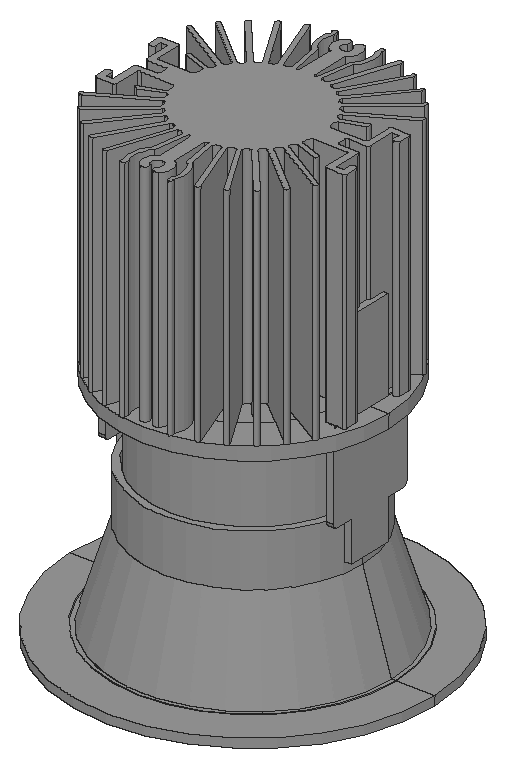
Revit family "Artemide_Everything_80", category Lighting Fixtures, Revit 2018 (continued)
Types (216, lengths in mm): name | V_TrimlessSquare | V_TrimlessRound | V_TrimSquare | V_TrimRound | V_Square | V_Round | Radius_RoundVoidReal | Photometric Web File | M_Trim | M_Louvre | M_HousingLed | built-in parameter 1150105 | Lumens | built-in parameter 1150107 | built-in parameter 1150106 | URL to O&M Manual | Trim Material | Trim Finish | Trim Colour  | Product Model Number | Product Literature | Overall Width | Overall Length | Output Lumens Direct light | Input Lumens Direct light | Initial Lumens | IES Files  | Housing Colour  | Face Shape | Efficiency | built-in parameter 1150104 | Distance_SquareVoidReal | Colour Temperature | Angle_LightReal | Angle_LightRange | Angle_Light | Adjustable
  Everything_80_Square_Trimless_28°_3000K_White_M254800 | yes | no | no | no | yes | no | 0.3 | "M254800.IES" | Artemide_Aluminum_White | Artemide_Aluminum_White | Artemide_Aluminum_White | 83.402 (stored number, unit not read) | 1048.06 lm | 3000 (stored number, unit not read) | 0.83402 (stored number, unit not read) | "https://www.artemide.com/contents/documenti/prodotto/everything_80_trimless_instructions4374821.pdf" | "-" | "-" | "-" | "M254800" | "https://www.artemide.com/it/subfamily/2398406/everything-80-trimless" | 60 | 60 | 1048 | 1390 | 1048 | "https://www.artemide.com/product/downloadFile/2412698/ieseu/4916941" | "White" | "Square" | 75 | 7.4898 (stored number, unit not read) | 63.2 | 3000 | 90.00° | 60.00° | 60.00° | no
  Everything_80_Square_Trimless_Adj_28°_3000K_White_M254805 | yes | no | no | no | yes | no | 0.3 | "M254805.IES" | Artemide_Aluminum_White | Artemide_Aluminum_White | Artemide_Aluminum_White | 83.402 (stored number, unit not read) | 1048.06 lm | 3000 (stored number, unit not read) | 0.83402 (stored number, unit not read) | "https://www.artemide.com/contents/documenti/prodotto/everything_80_trimless_instructions4374821.pdf" | "-" | "-" | "-" | "M254805" | "https://www.artemide.com/it/subfamily/2398406/everything-80-trimless" | 60 | 60 | 1048 | 1390 | 1048 | "https://www.artemide.com/product/downloadFile/2412832/ieseu/4917102" | "White" | "Square" | 75 | 7.4898 (stored number, unit not read) | 63.2 | 3000 | 60.00° | 60.00° | 60.00° | yes
  Everything_80_Square_Trimless_28°_3000K_Black_M255400 | yes | no | no | no | yes | no | 0.3 | "M255400.IES" | Artemide_Aluminum_White | Artemide_Aluminum_Black | Artemide_Aluminum_Black | 67.367 (stored number, unit not read) | 846.56 lm | 3000 (stored number, unit not read) | 0.67367 (stored number, unit not read) | "https://www.artemide.com/contents/documenti/prodotto/everything_80_trimless_instructions4374821.pdf" | "-" | "-" | "-" | "M255400" | "https://www.artemide.com/it/subfamily/2398406/everything-80-trimless" | 60 | 60 | 847 | 1390 | 847 | "https://www.artemide.com/product/downloadFile/2412974/ieseu/4917080" | "Black" | "Square" | 61 | 6.0498 (stored number, unit not read) | 63.2 | 3000 | 90.00° | 60.00° | 60.00° | no
  Everything_80_Square_Trimless_Adj_28°_3000K_Black_M255405 | yes | no | no | no | yes | no | 0.3 | "M255405.IES" | Artemide_Aluminum_White | Artemide_Aluminum_Black | Artemide_Aluminum_Black | 67.367 (stored number, unit not read) | 846.56 lm | 3000 (stored number, unit not read) | 0.67367 (stored number, unit not read) | "https://www.artemide.com/contents/documenti/prodotto/everything_80_trimless_instructions4374821.pdf" | "-" | "-" | "-" | "M255405" | "https://www.artemide.com/it/subfamily/2398406/everything-80-trimless" | 60 | 60 | 847 | 1390 | 847 | "https://www.artemide.com/product/downloadFile/2413116/ieseu/4916888" | "Black" | "Square" | 61 | 6.0498 (stored number, unit not read) | 63.2 | 3000 | 60.00° | 60.00° | 60.00° | yes
  Everything_80_Square_Trimless_28°_3000K_PolishedMetal_M274400 | yes | no | no | no | yes | no | 0.3 | "M274400.IES" | Artemide_Aluminum_White | Artemide_Aluminum_PolishedMetal | Artemide_Aluminum_PolishedMetal | 81.074 (stored number, unit not read) | 1018.81 lm | 3000 (stored number, unit not read) | 0.81074 (stored number, unit not read) | "https://www.artemide.com/contents/documenti/prodotto/everything_80_trimless_instructions4374821.pdf" | "-" | "-" | "-" | "M274400" | "https://www.artemide.com/it/subfamily/2398406/everything-80-trimless" | 60 | 60 | 1019 | 1390 | 1019 | "https://www.artemide.com/product/downloadFile/2413258/ieseu/4916474" | "Polished Metal" | "Square" | 73 | 7.2808 (stored number, unit not read) | 63.2 | 3000 | 90.00° | 60.00° | 60.00° | no
  Everything_80_Square_Trimless_Adj_28°_3000K_PolishedMetal_M274405 | yes | no | no | no | yes | no | 0.3 | "M274405.IES" | Artemide_Aluminum_White | Artemide_Aluminum_PolishedMetal | Artemide_Aluminum_PolishedMetal | 81.074 (stored number, unit not read) | 1018.81 lm | 3000 (stored number, unit not read) | 0.81074 (stored number, unit not read) | "https://www.artemide.com/contents/documenti/prodotto/everything_80_trimless_instructions4374821.pdf" | "-" | "-" | "-" | "M274405" | "https://www.artemide.com/it/subfamily/2398406/everything-80-trimless" | 60 | 60 | 1019 | 1390 | 1019 | "https://www.artemide.com/product/downloadFile/2413400/ieseu/4916975" | "Polished Metal" | "Square" | 73 | 7.2808 (stored number, unit not read) | 63.2 | 3000 | 60.00° | 60.00° | 60.00° | yes
  Everything_80_Square_Trimless_46°_3000K_White_M255000 | yes | no | no | no | yes | no | 0.3 | "M255000.IES" | Artemide_Aluminum_White | Artemide_Aluminum_White | Artemide_Aluminum_White | 81.964 (stored number, unit not read) | 1029.99 lm | 3000 (stored number, unit not read) | 0.81964 (stored number, unit not read) | "https://www.artemide.com/contents/documenti/prodotto/everything_80_trimless_instructions4374821.pdf" | "-" | "-" | "-" | "M255000" | "https://www.artemide.com/it/subfamily/2398406/everything-80-trimless" | 60 | 60 | 1030 | 1390 | 1030 | "https://www.artemide.com/product/downloadFile/2414386/ieseu/4916880" | "White" | "Square" | 74 | 7.3607 (stored number, unit not read) | 63.2 | 3000 | 90.00° | 60.00° | 60.00° | no
  Everything_80_Square_Trimless_Adj_46°_3000K_White_M255005 | yes | no | no | no | yes | no | 0.3 | "M255005.IES" | Artemide_Aluminum_White | Artemide_Aluminum_White | Artemide_Aluminum_White | 81.964 (stored number, unit not read) | 1029.99 lm | 3000 (stored number, unit not read) | 0.81964 (stored number, unit not read) | "https://www.artemide.com/contents/documenti/prodotto/everything_80_trimless_instructions4374821.pdf" | "-" | "-" | "-" | "M255005" | "https://www.artemide.com/it/subfamily/2398406/everything-80-trimless" | 60 | 60 | 1030 | 1390 | 1030 | "https://www.artemide.com/product/downloadFile/2414520/ieseu/4916476" | "White" | "Square" | 74 | 7.3607 (stored number, unit not read) | 63.2 | 3000 | 60.00° | 60.00° | 60.00° | yes
  Everything_80_Square_Trimless_46°_3000K_Black_M255600 | yes | no | no | no | yes | no | 0.3 | "M255600.IES" | Artemide_Aluminum_White | Artemide_Aluminum_Black | Artemide_Aluminum_Black | 54.643 (stored number, unit not read) | 686.66 lm | 3000 (stored number, unit not read) | 0.54643 (stored number, unit not read) | "https://www.artemide.com/contents/documenti/prodotto/everything_80_trimless_instructions4374821.pdf" | "-" | "-" | "-" | "M255600" | "https://www.artemide.com/it/subfamily/2398406/everything-80-trimless" | 60 | 60 | 687 | 1390 | 687 | "https://www.artemide.com/product/downloadFile/2414662/ieseu/4917062" | "Black" | "Square" | 49 | 4.9071 (stored number, unit not read) | 63.2 | 3000 | 90.00° | 60.00° | 60.00° | no
  Everything_80_Square_Trimless_Adj_46°_3000K_Black_M255605 | yes | no | no | no | yes | no | 0.3 | "M255605.IES" | Artemide_Aluminum_White | Artemide_Aluminum_Black | Artemide_Aluminum_Black | 54.643 (stored number, unit not read) | 686.66 lm | 3000 (stored number, unit not read) | 0.54643 (stored number, unit not read) | "https://www.artemide.com/contents/documenti/prodotto/everything_80_trimless_instructions4374821.pdf" | "-" | "-" | "-" | "M255605" | "https://www.artemide.com/it/subfamily/2398406/everything-80-trimless" | 60 | 60 | 687 | 1390 | 687 | "https://www.artemide.com/product/downloadFile/2414804/ieseu/4917169" | "Black" | "Square" | 49 | 4.9071 (stored number, unit not read) | 63.2 | 3000 | 60.00° | 60.00° | 60.00° | yes
  Everything_80_Square_Trimless_46°_3000K_PolishedMetal_M274600 | yes | no | no | no | yes | no | 0.3 | "M274600.IES" | Artemide_Aluminum_White | Artemide_Aluminum_PolishedMetal | Artemide_Aluminum_PolishedMetal | 73.222 (stored number, unit not read) | 920.14 lm | 3000 (stored number, unit not read) | 0.73222 (stored number, unit not read) | "https://www.artemide.com/contents/documenti/prodotto/everything_80_trimless_instructions4374821.pdf" | "-" | "-" | "-" | "M274600" | "https://www.artemide.com/it/subfamily/2398406/everything-80-trimless" | 60 | 60 | 920 | 1390 | 920 | "https://www.artemide.com/product/downloadFile/2414946/ieseu/4917092" | "Polished Metal" | "Square" | 66 | 6.5757 (stored number, unit not read) | 63.2 | 3000 | 90.00° | 60.00° | 60.00° | no
  Everything_80_Square_Trimless_Adj_46°_3000K_PolishedMetal_M274605 | yes | no | no | no | yes | no | 0.3 | "M274605.IES" | Artemide_Aluminum_White | Artemide_Aluminum_PolishedMetal | Artemide_Aluminum_PolishedMetal | 73.222 (stored number, unit not read) | 920.14 lm | 3000 (stored number, unit not read) | 0.73222 (stored number, unit not read) | "https://www.artemide.com/contents/documenti/prodotto/everything_80_trimless_instructions4374821.pdf" | "-" | "-" | "-" | "M274605" | "https://www.artemide.com/it/subfamily/2398406/everything-80-trimless" | 60 | 60 | 920 | 1390 | 920 | "https://www.artemide.com/product/downloadFile/2415088/ieseu/4916482" | "Polished Metal" | "Square" | 66 | 6.5757 (stored number, unit not read) | 63.2 | 3000 | 60.00° | 60.00° | 60.00° | yes
  Everything_80_Round_Trimless_23°_2700K_White_M326300 | no | yes | no | no | no | yes | 31.6 | "M326300.IES" | Artemide_Aluminum_White | Artemide_Aluminum_White | Artemide_Aluminum_White | 79.057 (stored number, unit not read) | 993.46 lm | 2700 (stored number, unit not read) | 0.79057 (stored number, unit not read) | "https://www.artemide.com/contents/documenti/prodotto/everything_80_trimless_instructions4374821.pdf" | "-" | "-" | "-" | "M326300" | "https://www.artemide.com/it/subfamily/2398406/everything-80-trimless" | 0 | 60 | 994 | 1330 | 994 | "https://www.artemide.com/product/downloadFile/4372427/ieseu/4917003" | "White" | "Round" | 75 | 7.0997 (stored number, unit not read) | 0.8 | 2700 | 90.00° | 60.00° | 60.00° | no
  Everything_80_Round_Trimless_23°_2700K_Black_M326600 | no | yes | no | no | no | yes | 31.6 | "M326600.IES" | Artemide_Aluminum_White | Artemide_Aluminum_Black | Artemide_Aluminum_Black | 66.364 (stored number, unit not read) | 833.95 lm | 2700 (stored number, unit not read) | 0.66364 (stored number, unit not read) | "https://www.artemide.com/contents/documenti/prodotto/everything_80_trimless_instructions4374821.pdf" | "-" | "-" | "-" | "M326600" | "https://www.artemide.com/it/subfamily/2398406/everything-80-trimless" | 0 | 60 | 834 | 1330 | 834 | "https://www.artemide.com/product/downloadFile/4372680/ieseu/4916727" | "Black" | "Round" | 63 | 5.9597 (stored number, unit not read) | 0.8 | 2700 | 90.00° | 60.00° | 60.00° | no
  Everything_80_Round_Trimless_23°_2700K_PolishedMetal_M331400 | no | yes | no | no | no | yes | 31.6 | "M331400.IES" | Artemide_Aluminum_White | Artemide_Aluminum_PolishedMetal | Artemide_Aluminum_PolishedMetal | 80.857 (stored number, unit not read) | 1016.08 lm | 2700 (stored number, unit not read) | 0.80857 (stored number, unit not read) | "https://www.artemide.com/contents/documenti/prodotto/everything_80_trimless_instructions4374821.pdf" | "-" | "-" | "-" | "M331400" | "https://www.artemide.com/it/subfamily/2398406/everything-80-trimless" | 0 | 60 | 1016 | 1330 | 1016 | "https://www.artemide.com/product/downloadFile/4372903/ieseu/4916771" | "Polished Metal" | "Round" | 76 | 7.2613 (stored number, unit not read) | 0.8 | 2700 | 90.00° | 60.00° | 60.00° | no
  Everything_80_Round_Trimless_28°_2700K_White_M326400 | no | yes | no | no | no | yes | 31.6 | "M326400.IES" | Artemide_Aluminum_White | Artemide_Aluminum_White | Artemide_Aluminum_White | 80.123 (stored number, unit not read) | 1006.85 lm | 2700 (stored number, unit not read) | 0.80123 (stored number, unit not read) | "https://www.artemide.com/contents/documenti/prodotto/everything_80_trimless_instructions4374821.pdf" | "-" | "-" | "-" | "M326400" | "https://www.artemide.com/it/subfamily/2398406/everything-80-trimless" | 0 | 60 | 1007 | 1330 | 1007 | "https://www.artemide.com/product/downloadFile/4373126/ieseu/4917063" | "White" | "Round" | 76 | 7.1953 (stored number, unit not read) | 0.8 | 2700 | 90.00° | 60.00° | 60.00° | no
  Everything_80_Round_Trimless_28°_2700K_Black_M326700 | no | yes | no | no | no | yes | 31.6 | "M326700.IES" | Artemide_Aluminum_White | Artemide_Aluminum_Black | Artemide_Aluminum_Black | 67.74 (stored number, unit not read) | 851.24 lm | 2700 (stored number, unit not read) | 0.6774 (stored number, unit not read) | "https://www.artemide.com/contents/documenti/prodotto/everything_80_trimless_instructions4374821.pdf" | "-" | "-" | "-" | "M326700" | "https://www.artemide.com/it/subfamily/2398406/everything-80-trimless" | 0 | 60 | 851 | 1330 | 851 | "https://www.artemide.com/product/downloadFile/4373341/ieseu/4916776" | "Black" | "Round" | 64 | 6.0833 (stored number, unit not read) | 0.8 | 2700 | 90.00° | 60.00° | 60.00° | no
  Everything_80_Round_Trimless_28°_2700K_PolishedMetal_M331500 | no | yes | no | no | no | yes | 31.6 | "M331500.IES" | Artemide_Aluminum_White | Artemide_Aluminum_PolishedMetal | Artemide_Aluminum_PolishedMetal | 74.826 (stored number, unit not read) | 940.29 lm | 2700 (stored number, unit not read) | 0.74826 (stored number, unit not read) | "https://www.artemide.com/contents/documenti/prodotto/everything_80_trimless_instructions4374821.pdf" | "-" | "-" | "-" | "M331500" | "https://www.artemide.com/it/subfamily/2398406/everything-80-trimless" | 0 | 60 | 940 | 1330 | 940 | "https://www.artemide.com/product/downloadFile/4373660/ieseu/4916554" | "Polished Metal" | "Round" | 71 | 6.7197 (stored number, unit not read) | 0.8 | 2700 | 90.00° | 60.00° | 60.00° | no
  Everything_80_Round_Trimless_46°_2700K_White_M326500 | no | yes | no | no | no | yes | 31.6 | "M326500.IES" | Artemide_Aluminum_White | Artemide_Aluminum_White | Artemide_Aluminum_White | 78.426 (stored number, unit not read) | 985.53 lm | 2700 (stored number, unit not read) | 0.78426 (stored number, unit not read) | "https://www.artemide.com/contents/documenti/prodotto/everything_80_trimless_instructions4374821.pdf" | "-" | "-" | "-" | "M326500" | "https://www.artemide.com/it/subfamily/2398406/everything-80-trimless" | 0 | 60 | 986 | 1330 | 986 | "https://www.artemide.com/product/downloadFile/4373893/ieseu/4916717" | "White" | "Round" | 74 | 7.043 (stored number, unit not read) | 0.8 | 2700 | 90.00° | 60.00° | 60.00° | no
  Everything_80_Round_Trimless_46°_2700K_Black_M326800 | no | yes | no | no | no | yes | 31.6 | "M326800.IES" | Artemide_Aluminum_White | Artemide_Aluminum_Black | Artemide_Aluminum_Black | 50.163 (stored number, unit not read) | 630.37 lm | 2700 (stored number, unit not read) | 0.50163 (stored number, unit not read) | "https://www.artemide.com/contents/documenti/prodotto/everything_80_trimless_instructions4374821.pdf" | "-" | "-" | "-" | "M326800" | "https://www.artemide.com/it/subfamily/2398406/everything-80-trimless" | 0 | 60 | 630 | 1330 | 630 | "https://www.artemide.com/product/downloadFile/4374118/ieseu/4917016" | "Black" | "Round" | 47 | 4.5049 (stored number, unit not read) | 0.8 | 2700 | 90.00° | 60.00° | 60.00° | no
  Everything_80_Round_Trimless_46°_2700K_PolishedMetal_M331600 | no | yes | no | no | no | yes | 31.6 | "M331600.IES" | Artemide_Aluminum_White | Artemide_Aluminum_PolishedMetal | Artemide_Aluminum_PolishedMetal | 67.946 (stored number, unit not read) | 853.84 lm | 2700 (stored number, unit not read) | 0.67946 (stored number, unit not read) | "https://www.artemide.com/contents/documenti/prodotto/everything_80_trimless_instructions4374821.pdf" | "-" | "-" | "-" | "M331600" | "https://www.artemide.com/it/subfamily/2398406/everything-80-trimless" | 0 | 60 | 854 | 1330 | 854 | "https://www.artemide.com/product/downloadFile/4374341/ieseu/4916477" | "Polished Metal" | "Round" | 64 | 6.1019 (stored number, unit not read) | 0.8 | 2700 | 90.00° | 60.00° | 60.00° | no
  Everything_80_Round_Trimless_Adj_23°_2700K_White_M326305 | no | yes | no | no | no | yes | 31.6 | "M326305.IES" | Artemide_Aluminum_White | Artemide_Aluminum_White | Artemide_Aluminum_White | 79.057 (stored number, unit not read) | 993.46 lm | 2700 (stored number, unit not read) | 0.79057 (stored number, unit not read) | "https://www.artemide.com/contents/documenti/prodotto/everything_80_trimless_instructions4374821.pdf" | "-" | "-" | "-" | "M326305" | "https://www.artemide.com/it/subfamily/2398406/everything-80-trimless" | 0 | 60 | 994 | 1330 | 994 | "https://www.artemide.com/product/downloadFile/4374660/ieseu/4916663" | "White" | "Round" | 75 | 7.0997 (stored number, unit not read) | 0.8 | 2700 | 60.00° | 60.00° | 60.00° | yes
  Everything_80_Round_Trimless_Adj_23°_2700K_Black_M326605 | no | yes | no | no | no | yes | 31.6 | "M326605.IES" | Artemide_Aluminum_White | Artemide_Aluminum_Black | Artemide_Aluminum_Black | 66.364 (stored number, unit not read) | 833.95 lm | 2700 (stored number, unit not read) | 0.66364 (stored number, unit not read) | "https://www.artemide.com/contents/documenti/prodotto/everything_80_trimless_instructions4374821.pdf" | "-" | "-" | "-" | "M326605" | "https://www.artemide.com/it/subfamily/2398406/everything-80-trimless" | 0 | 60 | 834 | 1330 | 834 | "https://www.artemide.com/product/downloadFile/4374931/ieseu/4916616" | "Black" | "Round" | 63 | 5.9597 (stored number, unit not read) | 0.8 | 2700 | 60.00° | 60.00° | 60.00° | yes
  Everything_80_Round_Trimless_Adj_23°_2700K_PolishedMetal_M331405 | no | yes | no | no | no | yes | 31.6 | "M331405.IES" | Artemide_Aluminum_White | Artemide_Aluminum_PolishedMetal | Artemide_Aluminum_PolishedMetal | 80.857 (stored number, unit not read) | 1016.08 lm | 2700 (stored number, unit not read) | 0.80857 (stored number, unit not read) | "https://www.artemide.com/contents/documenti/prodotto/everything_80_trimless_instructions4374821.pdf" | "-" | "-" | "-" | "M331405" | "https://www.artemide.com/it/subfamily/2398406/everything-80-trimless" | 0 | 60 | 1016 | 1330 | 1016 | "https://www.artemide.com/product/downloadFile/4375154/ieseu/4916900" | "Polished Metal" | "Round" | 76 | 7.2613 (stored number, unit not read) | 0.8 | 2700 | 60.00° | 60.00° | 60.00° | yes
  Everything_80_Round_Trimless_Adj_28°_2700K_White_M326405 | no | yes | no | no | no | yes | 31.6 | "M326405.IES" | Artemide_Aluminum_White | Artemide_Aluminum_White | Artemide_Aluminum_White | 80.123 (stored number, unit not read) | 1006.85 lm | 2700 (stored number, unit not read) | 0.80123 (stored number, unit not read) | "https://www.artemide.com/contents/documenti/prodotto/everything_80_trimless_instructions4374821.pdf" | "-" | "-" | "-" | "M326405" | "https://www.artemide.com/it/subfamily/2398406/everything-80-trimless" | 0 | 60 | 1007 | 1330 | 1007 | "https://www.artemide.com/product/downloadFile/4375395/ieseu/4916450" | "White" | "Round" | 76 | 7.1953 (stored number, unit not read) | 0.8 | 2700 | 60.00° | 60.00° | 60.00° | yes
  Everything_80_Round_Trimless_Adj_23°_2700K_Black_M326705 | no | yes | no | no | no | yes | 31.6 | "M326705.IES" | Artemide_Aluminum_White | Artemide_Aluminum_Black | Artemide_Aluminum_Black | 67.74 (stored number, unit not read) | 851.24 lm | 2700 (stored number, unit not read) | 0.6774 (stored number, unit not read) | "https://www.artemide.com/contents/documenti/prodotto/everything_80_trimless_instructions4374821.pdf" | "-" | "-" | "-" | "M326705" | "https://www.artemide.com/it/subfamily/2398406/everything-80-trimless" | 0 | 60 | 851 | 1330 | 851 | "https://www.artemide.com/product/downloadFile/4375610/ieseu/4916517" | "Black" | "Round" | 64 | 6.0833 (stored number, unit not read) | 0.8 | 2700 | 60.00° | 60.00° | 60.00° | yes
  Everything_80_Round_Trimless_Adj_28°_2700K_PolishedMetal_M331505 | no | yes | no | no | no | yes | 31.6 | "M331505.IES" | Artemide_Aluminum_White | Artemide_Aluminum_PolishedMetal | Artemide_Aluminum_PolishedMetal | 74.826 (stored number, unit not read) | 940.29 lm | 2700 (stored number, unit not read) | 0.74826 (stored number, unit not read) | "https://www.artemide.com/contents/documenti/prodotto/everything_80_trimless_instructions4374821.pdf" | "-" | "-" | "-" | "M331505" | "https://www.artemide.com/it/subfamily/2398406/everything-80-trimless" | 0 | 60 | 940 | 1330 | 940 | "https://www.artemide.com/product/downloadFile/4375833/ieseu/4916667" | "Polished Metal" | "Round" | 71 | 6.7197 (stored number, unit not read) | 0.8 | 2700 | 60.00° | 60.00° | 60.00° | yes
  Everything_80_Round_Trimless_Adj_46°_2700K_White_M326505 | no | yes | no | no | no | yes | 31.6 | "M326505.IES" | Artemide_Aluminum_White | Artemide_Aluminum_White | Artemide_Aluminum_White | 78.426 (stored number, unit not read) | 985.53 lm | 2700 (stored number, unit not read) | 0.78426 (stored number, unit not read) | "https://www.artemide.com/contents/documenti/prodotto/everything_80_trimless_instructions4374821.pdf" | "-" | "-" | "-" | "M326505" | "https://www.artemide.com/it/subfamily/2398406/everything-80-trimless" | 0 | 60 | 986 | 1330 | 986 | "https://www.artemide.com/product/downloadFile/4376152/ieseu/4916684" | "White" | "Round" | 74 | 7.043 (stored number, unit not read) | 0.8 | 2700 | 60.00° | 60.00° | 60.00° | yes
  Everything_80_Round_Trimless_Adj_46°_2700K_Black_M326805 | no | yes | no | no | no | yes | 31.6 | "M326805.IES" | Artemide_Aluminum_White | Artemide_Aluminum_Black | Artemide_Aluminum_Black | 50.163 (stored number, unit not read) | 630.37 lm | 2700 (stored number, unit not read) | 0.50163 (stored number, unit not read) | "https://www.artemide.com/contents/documenti/prodotto/everything_80_trimless_instructions4374821.pdf" | "-" | "-" | "-" | "M326805" | "https://www.artemide.com/it/subfamily/2398406/everything-80-trimless" | 0 | 60 | 630 | 1330 | 630 | "https://www.artemide.com/product/downloadFile/4376367/ieseu/4917022" | "Black" | "Round" | 47 | 4.5049 (stored number, unit not read) | 0.8 | 2700 | 60.00° | 60.00° | 60.00° | yes
  Everything_80_Round_Trimless_Adj_46°_2700K_PolishedMetal_M331605 | no | yes | no | no | no | yes | 31.6 | "M331605.IES" | Artemide_Aluminum_White | Artemide_Aluminum_PolishedMetal | Artemide_Aluminum_PolishedMetal | 67.946 (stored number, unit not read) | 853.84 lm | 2700 (stored number, unit not read) | 0.67946 (stored number, unit not read) | "https://www.artemide.com/contents/documenti/prodotto/everything_80_trimless_instructions4374821.pdf" | "-" | "-" | "-" | "M331605" | "https://www.artemide.com/it/subfamily/2398406/everything-80-trimless" | 0 | 60 | 854 | 1330 | 854 | "https://www.artemide.com/product/downloadFile/4376638/ieseu/4916994" | "Polished Metal" | "Round" | 64 | 6.1019 (stored number, unit not read) | 0.8 | 2700 | 60.00° | 60.00° | 60.00° | yes
  Everything_80_Square_Trimless_23°_2700K_White_M327500 | yes | no | no | no | yes | no | 0.3 | "M327500.IES" | Artemide_Aluminum_White | Artemide_Aluminum_White | Artemide_Aluminum_White | 75.85 (stored number, unit not read) | 953.16 lm | 2700 (stored number, unit not read) | 0.7585 (stored number, unit not read) | "https://www.artemide.com/contents/documenti/prodotto/everything_80_trimless_instructions4374821.pdf" | "-" | "-" | "-" | "M327500" | "https://www.artemide.com/it/subfamily/2398406/everything-80-trimless" | 60 | 60 | 992 | 1330 | 992 | "https://www.artemide.com/product/downloadFile/4408370/ieseu/4917162" | "White" | "Square" | 75 | 6.8117 (stored number, unit not read) | 63.2 | 2700 | 90.00° | 60.00° | 60.00° | no
  Everything_80_Square_Trimless_23°_2700K_Black_M327800 | yes | no | no | no | yes | no | 0.3 | "M327800.IES" | Artemide_Aluminum_White | Artemide_Aluminum_Black | Artemide_Aluminum_Black | 64.77 (stored number, unit not read) | 813.93 lm | 2700 (stored number, unit not read) | 0.6477 (stored number, unit not read) | "https://www.artemide.com/contents/documenti/prodotto/everything_80_trimless_instructions4374821.pdf" | "-" | "-" | "-" | "M327800" | "https://www.artemide.com/it/subfamily/2398406/everything-80-trimless" | 60 | 60 | 814 | 1330 | 814 | "https://www.artemide.com/product/downloadFile/4408601/ieseu/4916577" | "Black" | "Square" | 61 | 5.8167 (stored number, unit not read) | 63.2 | 2700 | 90.00° | 60.00° | 60.00° | no
  Everything_80_Square_Trimless_23°_2700K_PolishedMetal_M330800 | yes | no | no | no | yes | no | 0.3 | "M330800.IES" | Artemide_Aluminum_White | Artemide_Aluminum_PolishedMetal | Artemide_Aluminum_PolishedMetal | 82.554 (stored number, unit not read) | 1037.4 lm | 2700 (stored number, unit not read) | 0.82554 (stored number, unit not read) | "https://www.artemide.com/contents/documenti/prodotto/everything_80_trimless_instructions4374821.pdf" | "-" | "-" | "-" | "M330800" | "https://www.artemide.com/it/subfamily/2398406/everything-80-trimless" | 60 | 60 | 1037 | 1330 | 1037 | "https://www.artemide.com/product/downloadFile/4408743/ieseu/4917197" | "Polished Metal" | "Square" | 78 | 7.4137 (stored number, unit not read) | 63.2 | 2700 | 90.00° | 60.00° | 60.00° | no
  Everything_80_Square_Trimless_28°_2700K_White_M327600 | yes | no | no | no | yes | no | 0.3 | "M327600.IES" | Artemide_Aluminum_White | Artemide_Aluminum_White | Artemide_Aluminum_White | 79.802 (stored number, unit not read) | 1002.82 lm | 2700 (stored number, unit not read) | 0.79802 (stored number, unit not read) | "https://www.artemide.com/contents/documenti/prodotto/everything_80_trimless_instructions4374821.pdf" | "-" | "-" | "-" | "M327600" | "https://www.artemide.com/it/subfamily/2398406/everything-80-trimless" | 60 | 60 | 1003 | 1330 | 1003 | "https://www.artemide.com/product/downloadFile/4408893/ieseu/4916873" | "White" | "Square" | 75 | 7.1665 (stored number, unit not read) | 63.2 | 2700 | 90.00° | 60.00° | 60.00° | no
  Everything_80_Square_Trimless_28°_2700K_Black_M327900 | yes | no | no | no | yes | no | 0.3 | "M327900.IES" | Artemide_Aluminum_White | Artemide_Aluminum_Black | Artemide_Aluminum_Black | 64.46 (stored number, unit not read) | 810.03 lm | 2700 (stored number, unit not read) | 0.6446 (stored number, unit not read) | "https://www.artemide.com/contents/documenti/prodotto/everything_80_trimless_instructions4374821.pdf" | "-" | "-" | "-" | "M327900" | "https://www.artemide.com/it/subfamily/2398406/everything-80-trimless" | 60 | 60 | 810 | 1330 | 810 | "https://www.artemide.com/product/downloadFile/4409025/ieseu/4916997" | "Black" | "Square" | 61 | 5.7888 (stored number, unit not read) | 63.2 | 2700 | 90.00° | 60.00° | 60.00° | no
  Everything_80_Square_Trimless_28°_2700K_PolishedMetal_M330900 | yes | no | no | no | yes | no | 0.3 | "M330900.IES" | Artemide_Aluminum_White | Artemide_Aluminum_PolishedMetal | Artemide_Aluminum_PolishedMetal | 77.578 (stored number, unit not read) | 974.87 lm | 2700 (stored number, unit not read) | 0.77578 (stored number, unit not read) | "https://www.artemide.com/contents/documenti/prodotto/everything_80_trimless_instructions4374821.pdf" | "-" | "-" | "-" | "M330900" | "https://www.artemide.com/it/subfamily/2398406/everything-80-trimless" | 60 | 60 | 975 | 1330 | 975 | "https://www.artemide.com/product/downloadFile/4409165/ieseu/4916641" | "Polished Metal" | "Square" | 73 | 6.9668 (stored number, unit not read) | 63.2 | 2700 | 90.00° | 60.00° | 60.00° | no
  Everything_80_Square_Trimless_46°_2700K_White_M327700 | yes | no | no | no | yes | no | 0.3 | "M327700.IES" | Artemide_Aluminum_White | Artemide_Aluminum_White | Artemide_Aluminum_White | 78.426 (stored number, unit not read) | 985.53 lm | 2700 (stored number, unit not read) | 0.78426 (stored number, unit not read) | "https://www.artemide.com/contents/documenti/prodotto/everything_80_trimless_instructions4374821.pdf" | "-" | "-" | "-" | "M327700" | "https://www.artemide.com/it/subfamily/2398406/everything-80-trimless" | 60 | 60 | 986 | 1330 | 986 | "https://www.artemide.com/product/downloadFile/4409305/ieseu/4917179" | "White" | "Square" | 74 | 7.043 (stored number, unit not read) | 63.2 | 2700 | 90.00° | 60.00° | 60.00° | no
  Everything_80_Square_Trimless_46°_2700K_Black_M328000 | yes | no | no | no | yes | no | 0.3 | "M328000.IES" | Artemide_Aluminum_White | Artemide_Aluminum_Black | Artemide_Aluminum_Black | 52.284 (stored number, unit not read) | 657.02 lm | 2700 (stored number, unit not read) | 0.52284 (stored number, unit not read) | "https://www.artemide.com/contents/documenti/prodotto/everything_80_trimless_instructions4374821.pdf" | "-" | "-" | "-" | "M328000" | "https://www.artemide.com/it/subfamily/2398406/everything-80-trimless" | 60 | 60 | 657 | 1330 | 657 | "https://www.artemide.com/product/downloadFile/4409437/ieseu/4917146" | "Black" | "Square" | 49 | 4.6953 (stored number, unit not read) | 63.2 | 2700 | 90.00° | 60.00° | 60.00° | no
  Everything_80_Square_Trimless_46°_2700K_PolishedMetal_M331000 | yes | no | no | no | yes | no | 0.3 | "M331000.IES" | Artemide_Aluminum_White | Artemide_Aluminum_PolishedMetal | Artemide_Aluminum_PolishedMetal | 70.067 (stored number, unit not read) | 880.49 lm | 2700 (stored number, unit not read) | 0.70067 (stored number, unit not read) | "https://www.artemide.com/contents/documenti/prodotto/everything_80_trimless_instructions4374821.pdf" | "-" | "-" | "-" | "M331000" | "https://www.artemide.com/it/subfamily/2398406/everything-80-trimless" | 60 | 60 | 880 | 1330 | 880 | "https://www.artemide.com/product/downloadFile/4409577/ieseu/4916932" | "Polished Metal" | "Square" | 66 | 6.2923 (stored number, unit not read) | 63.2 | 2700 | 90.00° | 60.00° | 60.00° | no
  Everything_80_Square_Trimless_Adj_23°_2700K_White_M327505 | yes | no | no | no | yes | no | 0.3 | "M327505.IES" | Artemide_Aluminum_White | Artemide_Aluminum_White | Artemide_Aluminum_White | 75.85 (stored number, unit not read) | 953.16 lm | 2700 (stored number, unit not read) | 0.7585 (stored number, unit not read) | "https://www.artemide.com/contents/documenti/prodotto/everything_80_trimless_instructions4374821.pdf" | "-" | "-" | "-" | "M327505" | "https://www.artemide.com/it/subfamily/2398406/everything-80-trimless" | 60 | 60 | 992 | 1330 | 992 | "https://www.artemide.com/product/downloadFile/4409717/ieseu/4916790" | "White" | "Square" | 75 | 6.8117 (stored number, unit not read) | 63.2 | 2700 | 60.00° | 60.00° | 60.00° | yes
  Everything_80_Square_Trimless_Adj_23°_2700K_Black_M327805 | yes | no | no | no | yes | no | 0.3 | "M327805.IES" | Artemide_Aluminum_White | Artemide_Aluminum_Black | Artemide_Aluminum_Black | 64.77 (stored number, unit not read) | 813.93 lm | 2700 (stored number, unit not read) | 0.6477 (stored number, unit not read) | "https://www.artemide.com/contents/documenti/prodotto/everything_80_trimless_instructions4374821.pdf" | "-" | "-" | "-" | "M327805" | "https://www.artemide.com/it/subfamily/2398406/everything-80-trimless" | 60 | 60 | 814 | 1330 | 814 | "https://www.artemide.com/product/downloadFile/4409948/ieseu/4916437" | "Black" | "Square" | 61 | 5.8167 (stored number, unit not read) | 63.2 | 2700 | 60.00° | 60.00° | 60.00° | yes
  Everything_80_Square_Trimless_Adj_23°_2700K_PolishedMetal_M330805 | yes | no | no | no | yes | no | 0.3 | "M330805.IES" | Artemide_Aluminum_White | Artemide_Aluminum_PolishedMetal | Artemide_Aluminum_PolishedMetal | 82.554 (stored number, unit not read) | 1037.4 lm | 2700 (stored number, unit not read) | 0.82554 (stored number, unit not read) | "https://www.artemide.com/contents/documenti/prodotto/everything_80_trimless_instructions4374821.pdf" | "-" | "-" | "-" | "M330805" | "https://www.artemide.com/it/subfamily/2398406/everything-80-trimless" | 60 | 60 | 1037 | 1330 | 1037 | "https://www.artemide.com/product/downloadFile/4410090/ieseu/4917134" | "Polished Metal" | "Square" | 78 | 7.4137 (stored number, unit not read) | 63.2 | 2700 | 60.00° | 60.00° | 60.00° | yes
  Everything_80_Square_Trimless_Adj_28°_2700K_White_M327605 | yes | no | no | no | yes | no | 0.3 | "M327605.IES" | Artemide_Aluminum_White | Artemide_Aluminum_White | Artemide_Aluminum_White | 79.802 (stored number, unit not read) | 1002.82 lm | 2700 (stored number, unit not read) | 0.79802 (stored number, unit not read) | "https://www.artemide.com/contents/documenti/prodotto/everything_80_trimless_instructions4374821.pdf" | "-" | "-" | "-" | "M327605" | "https://www.artemide.com/it/subfamily/2398406/everything-80-trimless" | 60 | 60 | 1003 | 1330 | 1003 | "https://www.artemide.com/product/downloadFile/4410232/ieseu/4916686" | "White" | "Square" | 75 | 7.1665 (stored number, unit not read) | 63.2 | 2700 | 60.00° | 60.00° | 60.00° | yes
  Everything_80_Square_Trimless_Adj_28°_2700K_Black_M327905 | yes | no | no | no | yes | no | 0.3 | "M327905.IES" | Artemide_Aluminum_White | Artemide_Aluminum_Black | Artemide_Aluminum_Black | 64.46 (stored number, unit not read) | 810.03 lm | 2700 (stored number, unit not read) | 0.6446 (stored number, unit not read) | "https://www.artemide.com/contents/documenti/prodotto/everything_80_trimless_instructions4374821.pdf" | "-" | "-" | "-" | "M327905" | "https://www.artemide.com/it/subfamily/2398406/everything-80-trimless" | 60 | 60 | 810 | 1330 | 810 | "https://www.artemide.com/product/downloadFile/4410364/ieseu/4916550" | "Black" | "Square" | 61 | 5.7888 (stored number, unit not read) | 63.2 | 2700 | 60.00° | 60.00° | 60.00° | yes
  Everything_80_Square_Trimless_Adj_28°_2700K_PolishedMetal_M330905 | yes | no | no | no | yes | no | 0.3 | "M330905.IES" | Artemide_Aluminum_White | Artemide_Aluminum_PolishedMetal | Artemide_Aluminum_PolishedMetal | 77.578 (stored number, unit not read) | 974.87 lm | 2700 (stored number, unit not read) | 0.77578 (stored number, unit not read) | "https://www.artemide.com/contents/documenti/prodotto/everything_80_trimless_instructions4374821.pdf" | "-" | "-" | "-" | "M330905" | "https://www.artemide.com/it/subfamily/2398406/everything-80-trimless" | 60 | 60 | 975 | 1330 | 975 | "https://www.artemide.com/product/downloadFile/4410504/ieseu/4916831" | "Polished Metal" | "Square" | 73 | 6.9668 (stored number, unit not read) | 63.2 | 2700 | 60.00° | 60.00° | 60.00° | yes
  Everything_80_Square_Trimless_Adj_46°_2700K_White_M327705 | yes | no | no | no | yes | no | 0.3 | "M327705.IES" | Artemide_Aluminum_White | Artemide_Aluminum_White | Artemide_Aluminum_White | 78.426 (stored number, unit not read) | 985.53 lm | 2700 (stored number, unit not read) | 0.78426 (stored number, unit not read) | "https://www.artemide.com/contents/documenti/prodotto/everything_80_trimless_instructions4374821.pdf" | "-" | "-" | "-" | "M327705" | "https://www.artemide.com/it/subfamily/2398406/everything-80-trimless" | 60 | 60 | 986 | 1330 | 986 | "https://www.artemide.com/product/downloadFile/4410644/ieseu/4917068" | "White" | "Square" | 74 | 7.043 (stored number, unit not read) | 63.2 | 2700 | 60.00° | 60.00° | 60.00° | yes
  Everything_80_Square_Trimless_Adj_46°_2700K_Black_M328005 | yes | no | no | no | yes | no | 0.3 | "M328005.IES" | Artemide_Aluminum_White | Artemide_Aluminum_Black | Artemide_Aluminum_Black | 52.284 (stored number, unit not read) | 657.02 lm | 2700 (stored number, unit not read) | 0.52284 (stored number, unit not read) | "https://www.artemide.com/contents/documenti/prodotto/everything_80_trimless_instructions4374821.pdf" | "-" | "-" | "-" | "M328005" | "https://www.artemide.com/it/subfamily/2398406/everything-80-trimless" | 60 | 60 | 657 | 1330 | 657 | "https://www.artemide.com/product/downloadFile/4410776/ieseu/4916823" | "Black" | "Square" | 49 | 4.6953 (stored number, unit not read) | 63.2 | 2700 | 60.00° | 60.00° | 60.00° | yes
  Everything_80_Square_Trimless_Adj_46°_2700K_PolishedMetal_M331005 | yes | no | no | no | yes | no | 0.3 | "M331005.IES" | Artemide_Aluminum_White | Artemide_Aluminum_PolishedMetal | Artemide_Aluminum_PolishedMetal | 70.067 (stored number, unit not read) | 880.49 lm | 2700 (stored number, unit not read) | 0.70067 (stored number, unit not read) | "https://www.artemide.com/contents/documenti/prodotto/everything_80_trimless_instructions4374821.pdf" | "-" | "-" | "-" | "M331005" | "https://www.artemide.com/it/subfamily/2398406/everything-80-trimless" | 60 | 60 | 880 | 1330 | 880 | "https://www.artemide.com/product/downloadFile/4410916/ieseu/4916772" | "Polished Metal" | "Square" | 66 | 6.2923 (stored number, unit not read) | 63.2 | 2700 | 60.00° | 60.00° | 60.00° | yes
  Everything_80_Round_Trim_23°_3000K_White/White_M251020 | no | no | no | yes | no | yes | 31.6 | "M251020.IES" | Artemide_Aluminum_White | Artemide_Aluminum_White | Artemide_Aluminum_White | 84.509 (stored number, unit not read) | 1061.97 lm | 3000 (stored number, unit not read) | 0.84509 (stored number, unit not read) | "https://www.artemide.com/contents/documenti/prodotto/everything_80_trim_instructions4367641.pdf" | "Aluminium" | "Painted" | "White" | "M278620" | "https://www.artemide.com/it/subfamily/2380637/everything-80-trim" | 0 | 80 | 1062 | 1390 | 1062 | "https://www.artemide.com/product/downloadFile/2381452/ieseu/4916929" | "White" | "Round" | 76 | 7.5892 (stored number, unit not read) | 0.8 | 3000 | 90.00° | 60.00° | 60.00° | no
